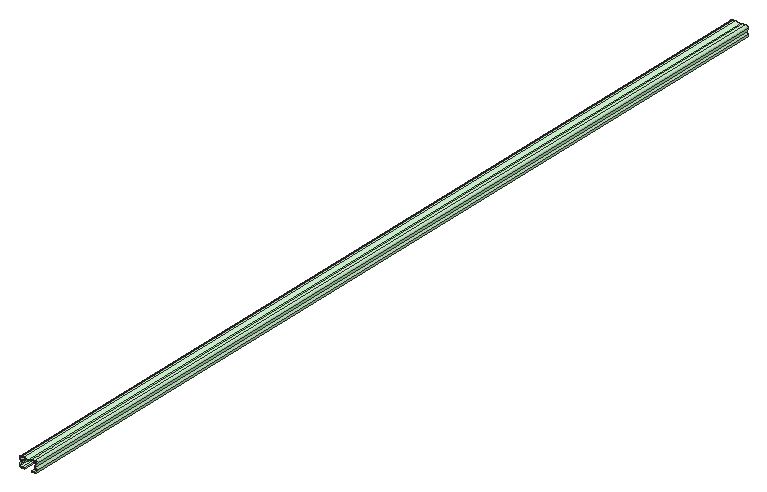
Revit family "SQチャンネル（C-19）", category 機械設備, Revit 2020
Family settings
  丸型コネクタ寸法 = 直径を使用
  種別 = なし
  パーツ タイプ = 標準
  作業面ベース = いいえ
  常に垂直 = はい
  ロード時にボイドで切り取り = いいえ
  共有 = いいえ
  部屋計算ポイント = いいえ
Parameters
  製造元 = "株式会社桐井製作所"
  既定の高さ = 0 mm
  URL = "https://www.kirii.co.jp/"
  K_長さ(mm) [instance] = 1000 mm
  K_外形寸法(mm) = "19×12×5.5×0.8"
  K_品名 = "SQチャンネルC-19"
  K_名称 = "振れ止め"
  K_バージョン情報 = "20210714"
Reference planes
  plane 1 "中心(正面/背面)": y = 0
  plane 2: z = 0
  plane 3 "中心(左/右)": x = 0
  plane 4: y = 1000
  plane 5: z = 12
Forms (mm)
  Extrusion 1, solid
    sketch origin (-9.5, 0, 0) x (0, 0, -1) y (1, 0, 0)
      loop
        arc (-9.323, 18.882) -> (-11.15, 18.636) -> (-12, 17) r 2
        line (-12, 17) -> (-12, 13.151) -> (-10.686, 9.5) -> (-12, 5.849) -> (-12, 2)
        arc (-12, 2) -> (-11.15, 0.364) -> (-9.323, 0.118) r 2
        line (-9.323, 0.118) -> (-6, 1.314) -> (-2.677, 0.118)
        arc (-2.677, 0.118) -> (-0.85, 0.364) -> (0, 2) r 2
        line (0, 2) -> (0, 5.5) -> (-0.8, 5.5) -> (-0.8, 2)
        arc (-0.8, 2) -> (-1.31, 1.018) -> (-2.406, 0.871) r 1.2
        line (-2.406, 0.871) -> (-5.114, 1.845)
        arc (-5.114, 1.845) -> (-5.55, 1.961) -> (-6, 2) r 2.617
        arc (-6, 2) -> (-6.45, 1.961) -> (-6.886, 1.845) r 2.617
        line (-6.886, 1.845) -> (-9.594, 0.871)
        arc (-9.594, 0.871) -> (-10.69, 1.018) -> (-11.2, 2) r 1.2
        line (-11.2, 2) -> (-11.2, 5.709) -> (-10.155, 8.614)
        arc (-10.155, 8.614) -> (-10.039, 9.05) -> (-10, 9.5) r 2.617
        arc (-10, 9.5) -> (-10.039, 9.95) -> (-10.155, 10.386) r 2.617
        line (-10.155, 10.386) -> (-11.2, 13.291) -> (-11.2, 17)
        arc (-11.2, 17) -> (-10.69, 17.982) -> (-9.594, 18.129) r 1.2
        line (-9.594, 18.129) -> (-6.886, 17.155)
        arc (-6.886, 17.155) -> (-6.45, 17.039) -> (-6, 17) r 2.617
        arc (-6, 17) -> (-5.55, 17.039) -> (-5.114, 17.155) r 2.617
        line (-5.114, 17.155) -> (-2.406, 18.129)
        arc (-2.406, 18.129) -> (-1.31, 17.982) -> (-0.8, 17) r 1.2
        line (-0.8, 17) -> (-0.8, 13.5) -> (0, 13.5) -> (0, 17)
        arc (0, 17) -> (-0.85, 18.636) -> (-2.677, 18.882) r 2
        line (-2.677, 18.882) -> (-6, 17.686) -> (-9.323, 18.882)
    from 0 to -1000
Dimensions and locks
  "K_長さ(mm)": plane 1 "中心(正面/背面)" to plane 4
  aligned and locked: level to plane 2
  aligned and locked: plane 4 to Extrusion 1
Automatic sketch dimensions
  Extrusion 1 sketch curve to Extrusion 1 sketch curve = 0 mm  (x20)
  Extrusion 1 sketch curve to plane 3 "中心(左/右)" = 0 mm  (x2)
  Extrusion 1 sketch curve to plane 5 = 0 mm  (x2)
  Extrusion 1 sketch curve to level = 0 mm  (x2)
  Extrusion 1 sketch curve to plane 5 = 0.617 mm
  Extrusion 1 sketch curve to Extrusion 1 sketch curve = 0.8 mm  (x3)
  plane 5 to Extrusion 1 sketch curve = 0.8 mm
  plane 5 to Extrusion 1 sketch curve = 1.314 mm
  plane 3 "中心(左/右)" to Extrusion 1 sketch curve = 0.886 mm
  Extrusion 1 sketch curve to Extrusion 1 sketch curve = 0.531 mm  (x3)
  Extrusion 1 sketch curve to plane 3 "中心(左/右)" = 0.886 mm
  Extrusion 1 sketch curve to Extrusion 1 sketch curve = 1.2 mm  (x2)
  Extrusion 1 sketch curve to Extrusion 1 sketch curve = 0.406 mm  (x4)
  Extrusion 1 sketch curve to Extrusion 1 sketch curve = 0.271 mm  (x4)
  Extrusion 1 sketch curve to Extrusion 1 sketch curve = 2.707 mm  (x2)
  Extrusion 1 sketch curve to Extrusion 1 sketch curve = 0.886 mm  (x4)
  level to Extrusion 1 sketch curve = 2.677 mm  (x2)
  Extrusion 1 sketch curve to Extrusion 1 sketch curve = 2.765 mm  (x2)
  Extrusion 1 sketch curve to Extrusion 1 sketch curve = 0.14 mm  (x2)
  Extrusion 1 sketch curve to plane 3 "中心(左/右)" = 4 mm
  Extrusion 1 sketch curve to Extrusion 1 sketch curve = 3.5 mm  (x2)
  Extrusion 1 sketch curve to Extrusion 1 sketch curve = 3.709 mm  (x2)
  Extrusion 1 sketch curve to Extrusion 1 sketch curve = 1.727 mm
  Extrusion 1 sketch curve to Extrusion 1 sketch curve = 0.753 mm  (x2)
  Extrusion 1 sketch curve to Extrusion 1 sketch curve = 1.931 mm  (x2)
  plane 3 "中心(左/右)" to Extrusion 1 sketch curve = 4 mm
  Extrusion 1 sketch curve to Extrusion 1 sketch curve = 0.974 mm
